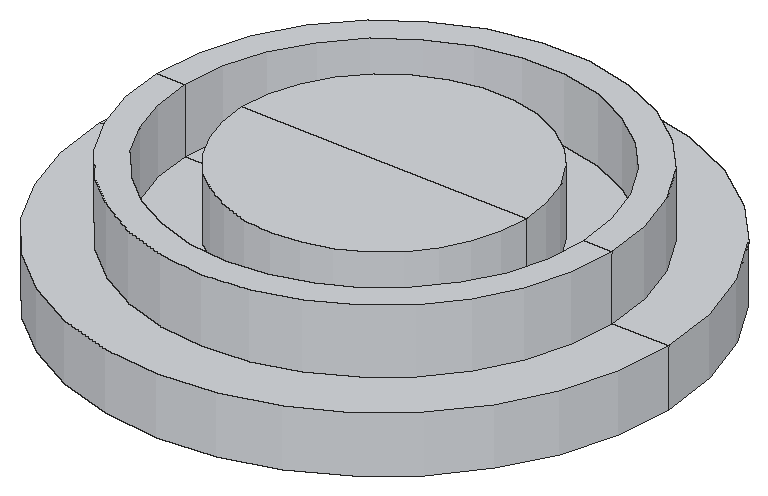
Revit family "M_Disc Valve", category Air Terminals, Revit 2016
Family settings
  Part Type = Normal
  Round Connector Dimension = Use Diameter
  Work Plane-Based = No
  Always vertical = Yes
  Cut with Voids When Loaded = No
  Shared = No
  Room Calculation Point = No
Parameters (values of type "Ø100")
  R [instance] = 100 mm
  CONN. DIA [instance] = CONN. RADIUS * 2  # 100 mm
  CONN. RADIUS [instance] = 50 mm
  Assembly Code = "DV"
Reference planes
  plane 1 "Center (Front/Back)": y = 0
  plane 2: z = 0
  plane 3 "Center (Left/Right)": x = 0
  plane 4: x = 30
  plane 5: x = 100
  plane 6: x = 50
Forms (mm)
  Revolve 1, solid
    sketch origin (0, 0, 0) x (1, 0, 0) y (0, 0, 1)
      loop
        line (0, 0) -> (0, -20) -> (30, -30.891) -> (30, -24.841) -> (100, -24.841) -> (100, 22.548) -> (50, 22.548) -> (50, 0) -> (30, 0) -> (30, 22.548) -> (20, 22.548) -> (20, 0) -> (0, 0)
      loop
        line (50, -38.152) -> (100, -56.304) -> (100, -46.304) -> (50, -28.152) -> (50, -38.152)
      axis (100, 22.548) -> (100, -56.304)
    angle from 0 to 360
Dimensions and locks
  locked: Revolve 1 sketch curve to Revolve 1 sketch curve at 20  (x2)
  "R": plane 5 to plane 3 "Center (Left/Right)"
  locked: plane 6 to plane 4 at 20
  locked: Revolve 1 sketch curve to Revolve 1 sketch curve at 10  (x2)
  "CONN. RADIUS": plane 5 to plane 6
  aligned and locked: level to plane 2
  aligned and locked: Revolve 1 sketch curve to plane 4
  aligned and locked: Revolve 1 sketch curve to level  (x2)
  aligned and locked: plane 4 to Revolve 1 sketch curve
  aligned and locked: Revolve 1 sketch curve to Revolve 1 sketch curve
  aligned and locked: plane 6 to Revolve 1 sketch curve
  aligned and locked: Revolve 1 sketch curve to plane 5
Automatic sketch dimensions
  Revolve 1 sketch curve to plane 3 "Center (Left/Right)" = 0 mm
  Revolve 1 sketch curve to plane 6 = 0 mm
  Revolve 1 sketch curve to plane 5 = 0 mm  (x2)
  Revolve 1 sketch curve to level = 24.841 mm
  Revolve 1 sketch curve to Revolve 1 sketch curve = 3.311 mm
  level to Revolve 1 sketch curve = 22.548 mm
  Revolve 1 sketch curve to Revolve 1 sketch curve = 0 mm
  Revolve 1 sketch curve to Revolve 1 sketch curve = 4.489 mm
  Revolve 1 sketch curve to Revolve 1 sketch curve = 30 mm
Connectors
  hvac at (100, 0, 22.548), driven by "CONN. DIA"
    settings: on Revolve 1, index 1, duct flow 0.0 L/s, flow factor 0, pres drop 0.0 Pa, loss coef 0, conn angle 0.00°, conn width 304.8 mm, conn height 304.8 mm, conn diameter 100 mm, duct sys type 3, conn prof type 0, flow config 0, flow direction 0, loss method 0, conn ref index -1, conn util no, is conn primary yes, conn desc ""
